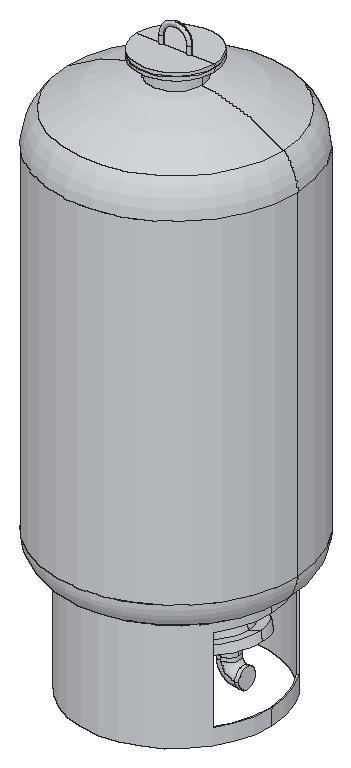
Revit family
Parameters (values of type "WX-421 100# W.P.")
  Weight = "570"
  Tank Volume = "132 Gallons"
  Tank Only = 58.750"
  Tank Height/Length = 71.625"
  Tank Diameter = 30.000"
  Pipe Connector Diameter = Pipe Connection Radius * 2  # 2.000"
  Pipe Connection Radius = 1.000"
  Model = "WX-407-C"
  Maximum Acceptance Volume = "45 Gallons"
  Max Operating Temp = "240 Deg F"
  Max Operating Pressure = "100 PSI"
  Manufacturer = "Amtrol"
  Lifting Ring Location = Tank Only / 2  # 29.375"
  Floor to Elbow Centerline = 4.250"
  Floor to Bottom of Tank = 10.188"
  Bladder/Diaphragm = "Bladder"
  ASME = no
Types (3): name | Tank Only | Tank Height/Length | Lifting Ring Location
  (no name) | 58.750" | 71.625" | 29.375"
  WX-421 100# W.P. | 58.750" | 71.625" | 29.375"
  WX-422 100# W.P. | 76.750" | 89.625" | 38.375"
Reference planes (in)
  plane 1 "Center (Front/Back)": y = 0
  plane 2: z = 0
  plane 3 "Center (Left/Right)": x = 0
Forms (in)
  Revolve 1, solid
    sketch origin (0, 0, 0) x (1, 0, 0) y (0, 0, 1)
      loop
        line (0, 68.938) -> (0, 10.188)
        arc (0, 10.188) -> (7.15367, 11.4031) -> (13.60658, 14.72143) r 23.75
        arc (13.60658, 14.72143) -> (14.76812, 16.08146) -> (15.18564, 17.82057) r 3.83079
        line (15.18564, 17.82057) -> (15.18564, 60.78502)
        arc (15.18564, 60.78502) -> (14.74909, 63.02484) -> (13.50335, 64.93678) r 5.96427
        arc (13.50335, 64.93678) -> (7.16221, 67.91595) -> (0.23106, 68.938) r 24.01314
        line (0.23106, 68.938) -> (0, 68.938)
      axis (0, 10.188) -> (0, 68.938)
    angle from 0 to 360
  Revolve 2, solid
    sketch origin (0, 0, 0) x (1, 0, 0) y (0, 0, 1)
      loop
        line (0, 68.67778) -> (3.3125, 68.67778) -> (3.3125, 70.72551) -> (4.875, 70.72551) -> (4.875, 71.10051) -> (0.375, 71.10051) -> (0.375, 71.22551) -> (4.875, 71.22551) -> (4.875, 71.60051) -> (0, 71.60051) -> (0, 68.67778)
      axis (0, 68.67778) -> (0, 71.60051)
    angle from 0 to 360
  Revolve 3, solid
    sketch origin (0, 0, 0) x (1, 0, 0) y (0, 0, 1)
      loop
        line (8.60126, 11.91215) -> (5.8269, 11.16876) -> (6.68424, 7.96913) -> (10.90749, 9.10075) -> (10.61632, 10.18741) -> (9.16743, 9.79918) -> (8.60126, 11.91215)
      axis (5.8269, 11.16876) -> (6.68424, 7.96913)
    angle from 0 to 360
  Revolve 4, solid
    sketch origin (0, 0, 0) x (1, 0, 0) y (0, 0, 1)
      loop
        line (6.68157, 6.35238) -> (7.891, 6.35238) -> (7.891, 8.75) -> (6.68157, 8.75) -> (6.68157, 6.35238)
      axis (6.68157, 8.75) -> (6.68157, 6.35238)
    angle from 0 to 360
  Sweep 5, solid
    path origin (0, 0, 0) x (1, 0, 0) y (0, 0, 1)
      loop
        line (6.68157, 6.37716) -> (6.68157, 5.96)
        arc (6.68157, 5.96) -> (7.18241, 4.75085) -> (8.39157, 4.25) r 1.71
        line (8.39157, 4.25) -> (8.89157, 4.25)
    profile origin (6.68157, 0, 6.16858) x (0, -1, 0) y (1, 0, 0)
      loop
        circle (0, 0) r 1.25
  Revolve 6, solid
    sketch origin (0, 0, 0) x (1, 0, 0) y (0, 0, 1)
      loop
        line (-12, 0) -> (-11.814, 0) -> (-11.814, 14.29709) -> (-12, 14.29709) -> (-12, 0)
      axis (0, 0) -> (0, 14.29709)
    angle from 0 to 360
  Extrusion 7, void
    sketch origin (0, 0, 0) x (0, 1, 0) y (0, 0, 1)
      loop
        line (6.80293, 2) -> (6.80293, 12.64413) -> (-6.69707, 12.64413) -> (-6.69707, 2) -> (6.80293, 2)
    from 7.03404 to 26.30898
  Extrusion 8, void
    sketch origin (0, 0, 0) x (0, 1, 0) y (0, 0, 1)
      loop
        line (5.54524, 12.64413) -> (-4.6336, 12.64413) -> (-4.6336, 7.5) -> (5.54524, 7.5) -> (5.54524, 12.64413)
    from -10.43173 to -19.83655
  Sweep 9, solid
    path origin (0, 0, 0) x (1, 0, 0) y (0, 0, 1)
      loop
        line (-1.76227, 71.60051) -> (-1.76227, 72.60051)
        arc (-1.76227, 72.60051) -> (-0.01227, 74.35051) -> (1.73773, 72.60051) r 1.75
        line (1.73773, 72.60051) -> (1.73773, 71.60051)
    profile origin (-1.76227, 0, 72.10051) x (-1, 0, 0) y (0, -1, 0)
      loop
        circle (0, 0) r 0.25
  Sweep 10, solid
    path origin (0, 0, 0) x (1, 0, 0) y (0, 0, 1)
      loop
        line (-15.09953, 41.30956) -> (-16.09953, 41.30956)
        arc (-16.09953, 41.30956) -> (-17.84953, 39.55956) -> (-16.09953, 37.80956) r 1.75
        line (-16.09953, 37.80956) -> (-15.09953, 37.80956)
    profile origin (-15.59953, 0, 41.30956) x (0, 0, -1) y (0, -1, 0)
      loop
        circle (0, 0) r 0.25
Cuts and joins
  Extrusion 7, Extrusion 8 cuts Revolve 1
  Extrusion 7, Extrusion 8 cuts Revolve 6
  Extrusion 8 cuts Revolve 3
  Extrusion 8 cuts Revolve 4
Lines and regions (in)
  reference lines
    curve 1: line (0, 0, 10.18456) -> (-0.56628, 0, 10.18456)
Dimensions and locks (in)
  "Tank Only": Revolve 1 sketch curve to Revolve 1 sketch curve
  Revolve 1 sketch curve to Revolve 1 sketch curve = 18.23103"
  Revolve 2 sketch curve to cut or joined group of Revolve 1, Extrusion 7, Extrusion 8 = 3.741"
  Sweep 9 sketch curve to cut or joined group of Revolve 1, Extrusion 7, Extrusion 8 = 6.66372"  (x2)
  "Floor to Bottom of Tank": Revolve 1 sketch curve to level
  "Floor to Elbow Centerline": Sweep 5 sketch curve to level
  "Lifting Ring Location": Sweep 10 sketch curve to curve 1
  aligned and locked: plane 3 "Center (Left/Right)" to import instance
  aligned and locked: import instance to plane 1 "Center (Front/Back)"
Automatic sketch dimensions
  Revolve 2 sketch curve to plane 3 "Center (Left/Right)" = 0.000"  (x2)
  plane 3 "Center (Left/Right)" to Revolve 2 sketch curve = 0.375"
  plane 3 "Center (Left/Right)" to Revolve 2 sketch curve = 3.3125"
  Revolve 2 sketch curve to Revolve 2 sketch curve = 1.5625"
  Revolve 2 sketch curve to Revolve 2 sketch curve = 0.000"  (x2)
  Revolve 2 sketch curve to Revolve 2 sketch curve = 2.04772"
  Revolve 2 sketch curve to Revolve 2 sketch curve = 2.42272"
  Revolve 2 sketch curve to Revolve 2 sketch curve = 0.125"
  Revolve 2 sketch curve to Revolve 2 sketch curve = 0.375"
  Revolve 2 sketch curve to Revolve 2 sketch curve = 5.82728"
  plane 3 "Center (Left/Right)" to Revolve 3 sketch curve = 5.82033"
  Revolve 3 sketch curve to Revolve 3 sketch curve = 0.00657"
  Revolve 3 sketch curve to Revolve 3 sketch curve = 0.85734"
  Revolve 3 sketch curve to Revolve 3 sketch curve = 0.000"  (x2)
  Revolve 3 sketch curve to Revolve 3 sketch curve = 2.77437"
  Revolve 3 sketch curve to Revolve 3 sketch curve = 0.56617"
  Revolve 3 sketch curve to Revolve 3 sketch curve = 1.44889"
  level to Revolve 3 sketch curve = 7.96913"
  Revolve 3 sketch curve to Revolve 3 sketch curve = 1.13162"
  Revolve 3 sketch curve to Revolve 3 sketch curve = 0.02451"
  plane 3 "Center (Left/Right)" to Revolve 4 sketch curve = 6.68157"
  Revolve 4 sketch curve to Revolve 4 sketch curve = 0.000"
  Revolve 4 sketch curve to Revolve 4 sketch curve = 1.20944"
  level to Revolve 4 sketch curve = 5.12609"
  Revolve 4 sketch curve to Revolve 4 sketch curve = 1.22629"
  Revolve 4 sketch curve to Revolve 4 sketch curve = 2.39762"
  Revolve 4 sketch curve to Revolve 4 sketch curve = 0.3831"
  plane 3 "Center (Left/Right)" to Sweep 5 sketch curve = 6.68157"
  Sweep 5 sketch curve to Sweep 5 sketch curve = 1.710"
  Sweep 5 sketch curve to Sweep 5 sketch curve = 0.500"
  Sweep 5 sketch curve to Sweep 5 sketch curve = 0.41716"
  plane 1 "Center (Front/Back)" to Sweep 5 sketch curve = 0.000"
  Sweep 5 sketch curve to profile plane = 0.000"
  Revolve 6 sketch curve to level = 0.000"  (x2)
  Revolve 6 sketch curve to plane 3 "Center (Left/Right)" = 0.000"
  Revolve 6 sketch curve to plane 3 "Center (Left/Right)" = 11.814"
  Revolve 6 sketch curve to Revolve 6 sketch curve = 0.186"
  level to Revolve 6 sketch curve = 14.29709"
  Revolve 6 sketch curve to Revolve 6 sketch curve = 6.70291"
  level to Extrusion 7 sketch curve = 2.000"
  plane 1 "Center (Front/Back)" to Extrusion 7 sketch curve = 6.69707"
  Extrusion 7 sketch curve to plane 1 "Center (Front/Back)" = 6.80293"
  Extrusion 7 sketch curve to Extrusion 7 sketch curve = 10.64413"
  plane 1 "Center (Front/Back)" to Extrusion 8 sketch curve = 4.6336"
  Extrusion 8 sketch curve to plane 1 "Center (Front/Back)" = 5.54524"
  level to Extrusion 8 sketch curve = 7.500"
  Extrusion 8 sketch curve to Extrusion 8 sketch curve = 5.14413"
  plane 1 "Center (Front/Back)" to Sweep 9 sketch curve = 0.000"
  Sweep 9 sketch curve to profile plane = 0.000"
  Sweep 9 sketch curve to plane 3 "Center (Left/Right)" = 1.76227"
  Sweep 9 sketch curve to plane 3 "Center (Left/Right)" = 0.01227"
  Sweep 9 sketch curve to Sweep 9 sketch curve = 1.000"
  Revolve 1 sketch curve to plane 3 "Center (Left/Right)" = 0.000"  (x2)
  Revolve 1 sketch curve to plane 3 "Center (Left/Right)" = 0.35362"
  plane 3 "Center (Left/Right)" to Revolve 1 sketch curve = 0.23106"
  plane 3 "Center (Left/Right)" to Revolve 1 sketch curve = 9.22137"
  Revolve 1 sketch curve to Revolve 1 sketch curve = 4.28198"
  Revolve 1 sketch curve to Revolve 1 sketch curve = 2.25173"
  Revolve 1 sketch curve to Revolve 1 sketch curve = 0.000"  (x2)
  Revolve 1 sketch curve to Revolve 1 sketch curve = 1.57906"
  Revolve 1 sketch curve to Revolve 1 sketch curve = 4.15176"
  Revolve 1 sketch curve to Revolve 1 sketch curve = 26.51314"
  curve 1 to plane 3 "Center (Left/Right)" = 0.000"
  curve 1 to curve 1 = 0.56628"
  level to curve 1 = 10.18456"
  Sweep 10 sketch curve to plane 3 "Center (Left/Right)" = 16.09953"
  Sweep 10 sketch curve to Sweep 10 sketch curve = 1.000"  (x2)
  Sweep 10 sketch curve to Sweep 10 sketch curve = 1.750"
  Sweep 10 sketch curve to plane 1 "Center (Front/Back)" = 0.000"
  Sweep 10 sketch curve to profile plane = 0.000"
  radius of Sweep 5 sketch curve = 1.250"
  radius of Sweep 9 sketch curve = 0.250"
  radius of Sweep 10 sketch curve = 0.250"
Connectors (in)
  piping at (8.89157, 0, 4.25), driven by "Pipe Connection Radius"
    settings: on Sweep 5, index 1
